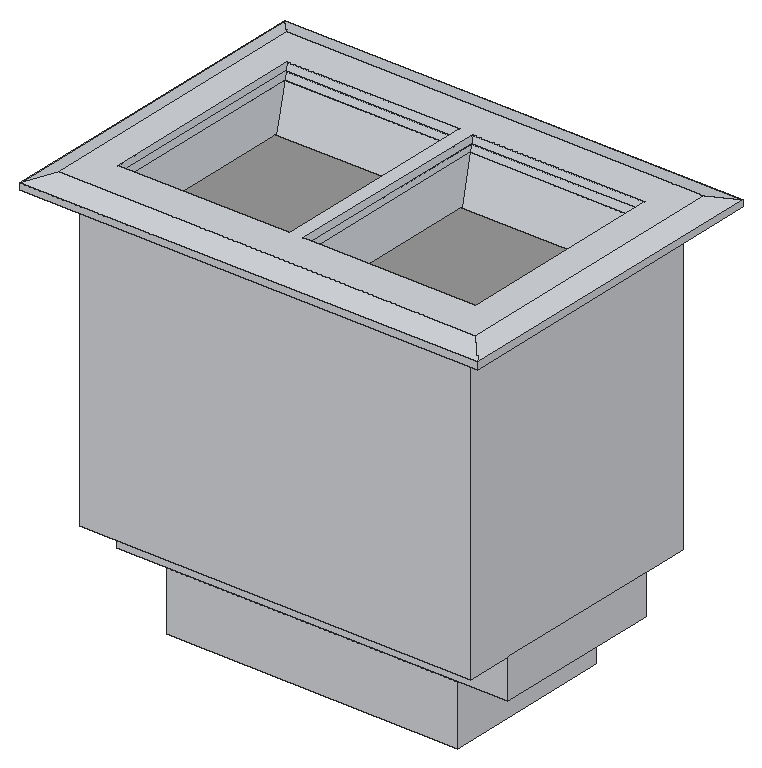
Revit family "2061102 Sylvania Lighting Fixture DOMINO 2xLED 940 BLACK MB TRIM BLACK", category Lighting Fixtures, host Face, Revit 2018
Family settings
  Host = Face
  Round Connector Dimension = Use Diameter
  Part Type = Normal
  OmniClass Number = 23.80.70.00
  OmniClass Title = Lighting
  Cut with Voids When Loaded = No
  Light Source = Yes
  Shared = No
  Room Calculation Point = No
Parameters (values of type "2061102 DOMINO 2XLED 940 BLACK MB TR BLK ")
  top top length = 44 mm
  Width = 50 mm
  Weight = "n/a"
  Wattage Comments = ""
  Wattage = 9.2903 W
  WarrantyStartDate [instance] = "n/a"
  WarrantyGuarantorParts = "n/a"
  WarrantyDurationUnit = "n/a"
  WarrantyDurationParts = ""
  WarrantyDescription = "http://www.sylvania-lighting.com"
  built-in parameter 1150110 = 1 (stored number, unit not read)
  Voltage = 0 V
  URL = "0.6"
  TypeName = "DOMINO 2xLED 940 BLACK MB TRIM BLACK"
  Type Image = <None>
  Type Comments = "n/a"
  built-in parameter 1114217 = 1 (stored number, unit not read)
  Top Width = 26 mm
  Tilt Angle = 90.00°
  built-in parameter 1150109 = 1 (stored number, unit not read)
  built-in parameter 1150134 = 3
  built-in parameter 1150113 = 1 (stored number, unit not read)
  SerialNumber [instance] = "n/a"
  Recessed Width = 43 mm
  Recessed Length = 63 mm
  Photometric Web File = "2061102.ies"
  Material_3_FEILO = none
  PowerFactor = 0
  PowerConsumption = "Lighting"
  NominalLength = 50 mm
  NominalHeight = 0 mm
  NominalDepth = 0 mm
  Name = "DOMINO 2xLED 940 BLACK MB TRIM BLACK"
  ModelReference = Name  # "DOMINO 2xLED 940 BLACK MB TRIM BLACK"
  ModelNumber = "2061102"
  Model = Name  # "DOMINO 2xLED 940 BLACK MB TRIM BLACK"
  Material = "Feilo Sylvania"
  ManufacturerName = "58 lm/W"
  Manufacturer = ""
  LuminousEfficacy = ""
  built-in parameter 1150105 = 109.82 (stored number, unit not read)
  Lumens = 1380 lm
  LuminaireType = "0"
  built-in parameter 1150115 = 1 (stored number, unit not read)
  LightOutputRatio = "LED"
  built-in parameter 1150137 = (empty or 0)
  built-in parameter 1150139 = (empty or 0)
  Lens Width = 32 mm
  Lens = Glass, White, High Luminance
  Length = 69 mm
  LampsType = Lamp  # "n/a"
  LampNominalLuminous = "4000 K"
  LampMacAdamStep = "90"
  LampColourTemperature = "LED"
  LampColourRenderingIndex = "16500"
  built-in parameter 1150112 = 1 (stored number, unit not read)
  built-in parameter 1150114 = 1 (stored number, unit not read)
  Lamp = "n/a"
  Keynote = "n/a"
  InstallationDate [instance] = "n/a"
  InputVoltage = "0"
  InputNominalFrequency = "4000"
  built-in parameter 1150132 = (empty or 0)
  built-in parameter 1150102 = (empty or 0)
  built-in parameter 1150107 = 3200 (stored number, unit not read)
  built-in parameter 1150138 = (empty or 0)
  IngressProtection = "IfcLightFixtureType"
  ImpactProtectionIndex = "IfcLightFixtureType"
  built-in parameter 1150106 = 1.0982 (stored number, unit not read)
  IfcExportType = "IfcLightFixtureType"
  IfcExportAs = "Class II"
  Facia internal width = 37 mm
  Facia internal length = 56 mm
  Facia Height = 2 mm
  ExpectedLife = 50000
  Emit from Circle Diameter = 609.6 mm
  Emit Shape Visible in Rendering = no
  ElectricShockClassification = "58"
  built-in parameter 1150104 = 13.8 (stored number, unit not read)
  DurationUnit = "hours"
  DocumentationLiterature = "http://www.sylvania-lighting.com/product/en-int/products/2061102"
  DimmingControlOptions = "n/a"
  Material_2_FEILO = none
  Dimming Lamp Color Temperature Shift = <None>
  Description = "Modular LED recessed linear spotlight, ideal for retail and hospitality applications. Die-cast aluminium body, passive cooling. Two levels of reflector installation, low glaring UGR<16. 2x LED source, 30° beam angle , optics: PMMA lens and polycarbonate reflector combination, Black matt reflector finish. Light color temperature: 4000K neutral white, total system power: 6W , total fixture lumen output: 345lm, efficacy: 58 lm/W, Ra90 typical, LED chromacity: 3 step MacAdam ellipse (SDCM3), lifespan: 96,000 hours at 90% of the original output (L90B10), IR/UV free light source without heat radiation, operating voltage: 220-240V / 50-60Hz, electronic driver, ultra low flicker, non-dimmable , electrical protection: Class II. Degree of Protection: IP40/IP20, suitable for indoor environment only. Ceiling cut-out: 43x43mm, outer dimensions:  70x50mm trim frame RAL 9005 - Jet black color.5 years Warranty."
  Default Elevation = 1219.2 mm
  CreatedOn = "10/02/2021"
  CreatedBy = "harvey.smart@sylvania-lighting.com"
  Cost = 0
  Color Filter = 16777215
  built-in parameter 1114216 [instance] = (empty or 0)
  ClassificationValue = "EF_70_80"
  ClassificationName = "Uniclass2015"
  Material_1_FEILO = none
  Body Width = 40 mm
  Body Length = 59 mm
  BarCode [instance] = "n/a"
  built-in parameter 1114218 = 1 (stored number, unit not read)
  built-in parameter 1150133 = 10 (stored number, unit not read)
  AssetType = "Fixed"
  AssetIdentifier [instance] = "n/a"
  Assembly Code = "D5020200"
  Apparent Load = 6 VA
  Material_4_FEILO = none
Reference planes
  plane 1 "Center (Front/Back)": y = 0
  plane 2: z = 0
  plane 3 "Center (Left/Right)": x = 0
  plane 4: z = 0
  plane 5: z = -7
  plane 6: z = -45.895
  plane 7: z = -51.895
  plane 8: z = -60.895
  plane 9: x = -31.5
  plane 10: x = 31.5
  plane 11: y = 21.5
  plane 12: y = -21.5
  plane 13: x = -34.5
  plane 14: x = 34.5
  plane 15: y = 25
  plane 16: y = -25
  plane 17: x = 28
  plane 18: x = -28
  plane 19: y = 18.5
  plane 20: y = -18.5
  plane 21: z = 2
  plane 22: x = -29.5
  plane 23: x = 29.5
  plane 24: y = 20
  plane 25: y = -20
  plane 26: y = 13
  plane 27: y = -13
  plane 28: x = 22
  plane 29: y = 16
  plane 30: y = -16
  plane 31: x = -27
  plane 32: x = -1
  plane 33: x = -26
  plane 34: x = -2
  plane 35: y = 12.5
  plane 36: y = -12.5
  plane 37: x = 27
  plane 38: x = 1
  plane 39: x = 2
  plane 40: x = 26.026
Forms (mm)
  Extrusion 1, solid, not visible, detail levels medium+fine
    sketch origin (4.2, 0, 0) x (1, 0, 0) y (0, 1, 0)
      loop
        line (-29.2, 34.5) -> (-29.2, -34.5) -> (20.8, -34.5) -> (20.8, 34.5) -> (-29.2, 34.5)
    from 0 to 1
  Extrusion 2, solid, not visible, detail levels medium+fine
    sketch origin (4.044, 0, 0) x (1, 0, 0) y (0, 1, 0)
      loop
        line (-29.2, 34.5) -> (-29.2, -34.5) -> (20.8, -34.5) -> (20.8, 34.5) -> (-29.2, 34.5)
    from 0 to 1
  Blend 3, solid, not visible, detail levels medium+fine
    base sketch origin (4.2, 0, 0) x (1, 0, 0) y (0, 1, 0)
      loop
        line (-29.2, 34.5) -> (-29.2, -34.5) -> (20.8, -34.5) -> (20.8, 34.5) -> (-29.2, 34.5)
    top sketch origin (4.2, 0, 0) x (1, 0, 0) y (0, 1, 0)
      loop
        line (-21.7, 28) -> (-21.7, -28) -> (13.3, -28) -> (13.3, 28) -> (-21.7, 28)
    from 1 to 3
  Extrusion 4, solid, not visible, detail levels medium+fine
    sketch origin (3.419, 0, 0) x (1, 0, 0) y (0, 1, 0)
      loop
        line (-29.2, 34.5) -> (-29.2, -34.5) -> (20.8, -34.5) -> (20.8, 34.5) -> (-29.2, 34.5)
    from 0 to 1
  Blend 5, solid, not visible, detail levels medium+fine
    base sketch origin (3.575, 0, 0) x (1, 0, 0) y (0, 1, 0)
      loop
        line (-29.2, 34.5) -> (-29.2, -34.5) -> (20.8, -34.5) -> (20.8, 34.5) -> (-29.2, 34.5)
    top sketch origin (3.575, 0, 0) x (1, 0, 0) y (0, 1, 0)
      loop
        line (-21.7, 28) -> (-21.7, -28) -> (13.3, -28) -> (13.3, 28) -> (-21.7, 28)
    from 1 to 3
  Extrusion 6, solid, not visible, detail levels medium+fine
    sketch origin (4.247, 0, 0) x (1, 0, 0) y (0, 1, 0)
      loop
        line (-29.2, 34.5) -> (-29.2, -34.5) -> (20.8, -34.5) -> (20.8, 34.5) -> (-29.2, 34.5)
    from 0 to 1
  Blend 7, solid, not visible, detail levels medium+fine
    base sketch origin (4.403, 0, 0) x (1, 0, 0) y (0, 1, 0)
      loop
        line (-29.2, 34.5) -> (-29.2, -34.5) -> (20.8, -34.5) -> (20.8, 34.5) -> (-29.2, 34.5)
    top sketch origin (4.403, 0, 0) x (1, 0, 0) y (0, 1, 0)
      loop
        line (-21.7, 28) -> (-21.7, -28) -> (13.3, -28) -> (13.3, 28) -> (-21.7, 28)
    from 1 to 3
  Extrusion 8, void, detail levels medium+fine
    sketch origin (4.2, 0, 0) x (0, 1, 0) y (1, 0, 0)
      loop
        line (21.5, -35.7) -> (21.5, 27.3) -> (-21.5, 27.3) -> (-21.5, -35.7) -> (21.5, -35.7)
    from -9.934 to 83.097
  Extrusion 9, solid, detail levels medium+fine
    sketch origin (4.2, 0, 0) x (1, 0, 0) y (0, 1, 0)
      loop
        line (-38.7, 25) -> (-38.7, -25) -> (30.3, -25) -> (30.3, 25) -> (-38.7, 25)
    from 0 to 1
  Blend 10, solid, detail levels medium+fine
    base sketch origin (4.2, 0, 0) x (1, 0, 0) y (0, 1, 0)
      loop
        line (-38.7, 25) -> (-38.7, -25) -> (30.3, -25) -> (30.3, 25) -> (-38.7, 25)
    top sketch origin (4.2, 0, 0) x (1, 0, 0) y (0, 1, 0)
      loop
        line (-35.7, 21.5) -> (-35.7, -21.5) -> (27.3, -21.5) -> (27.3, 21.5) -> (-35.7, 21.5)
    from 1 to 2
  Extrusion 11, solid, detail levels medium+fine
    sketch origin (4.2, 0, 0) x (1, 0, 0) y (0, 1, 0)
      loop
        line (-33.7, 20) -> (-33.7, -20) -> (25.3, -20) -> (25.3, 20) -> (-33.7, 20)
    from 0 to -45.895
  Extrusion 12, solid, detail levels medium+fine
    sketch origin (4.2, 0, 0) x (1, 0, 0) y (0, 1, 0)
      loop
        line (-33.7, 13) -> (-33.7, -13) -> (25.3, -13) -> (25.3, 13) -> (-33.7, 13)
    from -51.895 to -45.895
  Extrusion 13, solid, detail levels fine
    sketch origin (4.2, 0, 0) x (1, 0, 0) y (0, 1, 0)
      loop
        line (-26.2, 13) -> (-26.2, -13) -> (17.8, -13) -> (17.8, 13) -> (-26.2, 13)
    from -60.895 to -51.895
  Blend 14, void, detail levels medium+fine
    base sketch origin (4.2, 0, 0) x (0, 1, 0) y (-1, 0, 0)
      loop
        line (16, 31.2) -> (-16, 31.2) -> (-16, 5.2) -> (16, 5.2) -> (16, 31.2)
    top sketch origin (4.2, 0, 0) x (0, 1, 0) y (-1, 0, 0)
      loop
        line (12.5, 30.2) -> (-12.5, 30.2) -> (-12.5, 6.2) -> (12.5, 6.2) -> (12.5, 30.2)
    from 2 to -7
  Blend 15, void, detail levels medium+fine
    base sketch origin (4.2, 0, 0) x (0, 1, 0) y (-1, 0, 0)
      loop
        line (16, 3.2) -> (-16, 3.2) -> (-16, -22.8) -> (16, -22.8) -> (16, 3.2)
    top sketch origin (4.2, 0, 0) x (0, 1, 0) y (-1, 0, 0)
      loop
        line (12.5, 2.2) -> (-12.5, 2.2) -> (-12.5, -21.826) -> (12.5, -21.826) -> (12.5, 2.2)
    from 2 to -7
  Extrusion 16, solid, material "Glass, White, High Luminance" <- "Lens", detail levels fine
    sketch origin (0, 1219.2, 38) x (1, 0, 0) y (0, 1, 0)
      loop
        line (-26, -1206.7) -> (-26, -1231.7) -> (-2, -1231.7) -> (-2, -1206.7) -> (-26, -1206.7)
    from -45 to -44
  Extrusion 17, solid, material "Glass, White, High Luminance" <- "Lens", detail levels fine
    sketch origin (4.2, 0, 0) x (1, 0, 0) y (0, 1, 0)
      loop
        line (-2.2, 12.5) -> (-2.2, -12.5) -> (21.826, -12.5) -> (21.826, 12.5) -> (-2.2, 12.5)
    from -7 to -6
  Extrusion 18, solid, detail levels coarse
    sketch origin (0, 1219.2, 38) x (1, 0, 0) y (0, 1, 0)
      loop
        line (34.5, -1194.2) -> (-34.5, -1194.2) -> (-34.5, -1244.2) -> (34.5, -1244.2) -> (34.5, -1194.2)
    from -36 to -98.895
Cuts and joins
  Blend 14, Blend 15 cuts Extrusion 9
  Blend 14, Blend 15 cuts Blend 10
  Blend 14, Blend 15 cuts Extrusion 11
Dimensions and locks
  "Recessed Length": plane 9 to plane 10
  equal spacing: plane 9, plane 3 "Center (Left/Right)", plane 10
  "Length": plane 13 to plane 14
  equal spacing: plane 13, plane 3 "Center (Left/Right)", plane 14
  "Recessed Width": plane 11 to plane 12
  equal spacing: plane 11, plane 1 "Center (Front/Back)", plane 12
  "Width": plane 15 to plane 16
  equal spacing: plane 15, plane 1 "Center (Front/Back)", plane 16
  "Facia internal length": plane 18 to plane 17
  equal spacing: plane 18, plane 3 "Center (Left/Right)", plane 17
  "Facia internal width": plane 19 to plane 20
  equal spacing: plane 19, plane 1 "Center (Front/Back)", plane 20
  "Facia Height": plane 21 to host face
  "Body Length": plane 22 to plane 23
  equal spacing: plane 22, plane 3 "Center (Left/Right)", plane 23
  "Body Width": plane 24 to plane 25
  equal spacing: plane 24, plane 1 "Center (Front/Back)", plane 25
  "Top Width": plane 26 to plane 27
  equal spacing: plane 26, plane 1 "Center (Front/Back)", plane 27
  plane 3 "Center (Left/Right)" to plane 28 = 22 mm
  "Lens Width": plane 29 to plane 30
  equal spacing: plane 29, plane 1 "Center (Front/Back)", plane 30
  aligned and locked: plane 2 to host face
  aligned and locked: level to host face
  aligned and locked: plane 21 to Blend 10
  aligned and locked: Extrusion 9 to Blend 10
  aligned and locked: plane 7 to Extrusion 13
  aligned and locked: Extrusion 12 to plane 7
  aligned and locked: Extrusion 11 to plane 6
  aligned and locked: Blend 14 to plane 5
  aligned and locked: plane 21 to Blend 14
  aligned and locked: Blend 15 to plane 5
  aligned and locked: plane 21 to Blend 15
Automatic sketch dimensions
  host sketch curve to host sketch curve = 2438.4 mm  (x2)
  Extrusion 1 sketch curve to Extrusion 1 sketch curve = 50 mm
  Extrusion 1 sketch curve to Extrusion 1 sketch curve = 69 mm
  Extrusion 2 sketch curve to Extrusion 2 sketch curve = 50 mm
  Extrusion 2 sketch curve to Extrusion 2 sketch curve = 69 mm
  Blend 3 sketch curve to Blend 3 sketch curve = 50 mm
  Blend 3 sketch curve to Blend 3 sketch curve = 69 mm
  Blend 3 sketch curve to Blend 3 sketch curve = 35 mm
  Blend 3 sketch curve to Blend 3 sketch curve = 56 mm
  Extrusion 4 sketch curve to Extrusion 4 sketch curve = 50 mm
  Extrusion 4 sketch curve to Extrusion 4 sketch curve = 69 mm
  Blend 5 sketch curve to Blend 5 sketch curve = 50 mm
  Blend 5 sketch curve to Blend 5 sketch curve = 69 mm
  Blend 5 sketch curve to Blend 5 sketch curve = 35 mm
  Blend 5 sketch curve to Blend 5 sketch curve = 56 mm
  Extrusion 6 sketch curve to Extrusion 6 sketch curve = 50 mm
  Extrusion 6 sketch curve to Extrusion 6 sketch curve = 69 mm
  Blend 7 sketch curve to Blend 7 sketch curve = 50 mm
  Blend 7 sketch curve to Blend 7 sketch curve = 69 mm
  Blend 7 sketch curve to Blend 7 sketch curve = 35 mm
  Blend 7 sketch curve to Blend 7 sketch curve = 56 mm
  Extrusion 8 sketch curve to plane 9 = 0 mm
  Extrusion 8 sketch curve to plane 12 = 0 mm
  Extrusion 8 sketch curve to plane 11 = 0 mm
  Extrusion 8 sketch curve to plane 10 = 0 mm
  Extrusion 9 sketch curve to plane 13 = 0 mm
  Extrusion 9 sketch curve to plane 14 = 0 mm
  Extrusion 9 sketch curve to plane 16 = 0 mm
  Extrusion 9 sketch curve to plane 15 = 0 mm
  Blend 10 sketch curve to plane 13 = 0 mm
  Blend 10 sketch curve to plane 14 = 0 mm
  Blend 10 sketch curve to plane 16 = 0 mm
  Blend 10 sketch curve to plane 15 = 0 mm
  Blend 10 sketch curve to plane 9 = 0 mm
  Blend 10 sketch curve to plane 10 = 0 mm
  Blend 10 sketch curve to plane 12 = 0 mm
  Blend 10 sketch curve to plane 11 = 0 mm
  Extrusion 11 sketch curve to plane 22 = 0 mm
  Extrusion 11 sketch curve to plane 23 = 0 mm
  Extrusion 11 sketch curve to plane 25 = 0 mm
  Extrusion 11 sketch curve to plane 24 = 0 mm
  Extrusion 12 sketch curve to plane 22 = 0 mm
  Extrusion 12 sketch curve to plane 23 = 0 mm
  Extrusion 12 sketch curve to plane 27 = 0 mm
  Extrusion 12 sketch curve to plane 26 = 0 mm
  Extrusion 13 sketch curve to plane 27 = 0 mm
  Extrusion 13 sketch curve to plane 28 = 0 mm
  Extrusion 13 sketch curve to plane 26 = 0 mm
  plane 18 to Extrusion 13 sketch curve = 6 mm
  Blend 14 sketch curve to plane 30 = 0 mm
  Blend 14 sketch curve to plane 29 = 0 mm
  Blend 14 sketch curve to plane 32 = 0 mm
  Blend 14 sketch curve to plane 31 = 0 mm
  Blend 14 sketch curve to plane 33 = 0 mm
  Blend 14 sketch curve to plane 36 = 0 mm
  Blend 14 sketch curve to plane 35 = 0 mm
  Blend 14 sketch curve to plane 34 = 0 mm
  Blend 15 sketch curve to plane 30 = 0 mm
  Blend 15 sketch curve to plane 29 = 0 mm
  Blend 15 sketch curve to plane 37 = 0 mm
  Blend 15 sketch curve to plane 38 = 0 mm
  Blend 15 sketch curve to plane 36 = 0 mm
  Blend 15 sketch curve to plane 35 = 0 mm
  Blend 15 sketch curve to plane 40 = 0 mm
  Blend 15 sketch curve to plane 39 = 0 mm
  plane 31 to Extrusion 16 sketch curve = 1 mm
  Extrusion 16 sketch curve to plane 11 = 9 mm
  Extrusion 16 sketch curve to plane 34 = 0 mm
  plane 1 "Center (Front/Back)" to Extrusion 16 sketch curve = 12.5 mm
  Extrusion 17 sketch curve to plane 36 = 0 mm
  Extrusion 17 sketch curve to plane 39 = 0 mm
  Extrusion 17 sketch curve to plane 40 = 0 mm
  Extrusion 17 sketch curve to plane 35 = 0 mm
  Extrusion 18 sketch curve to plane 33 = 8.5 mm
  plane 14 to Extrusion 18 sketch curve = 0 mm
  plane 16 to Extrusion 18 sketch curve = 50 mm
  Extrusion 18 sketch curve to plane 36 = 12.5 mm
